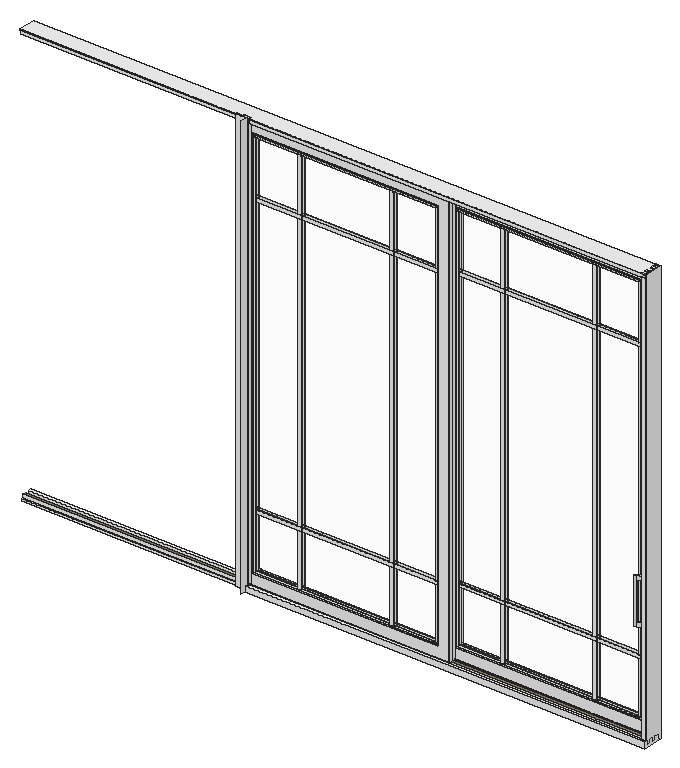
Revit family "Sliding_Glass-Pocket-PGT-Aluminum_Preferred-SGD770-XXd", category Doors, host Wall, Revit 2015
Parameters (values of type "Refer to Type Catalog")
  URL = "http://www.pgtindustries.com/"
  Type Comments = "Pocket"  # constant formula
  Track Depth = 4 55/64"  # constant formula
  Product Style Guide = "http://www.pgtindustries.com/pro-zone/architect/download?destination=node/97061"
  Product Page URL = "http://www.pgtindustries.com/product-overview/sliding-door-sgd770-winguard%C2%AE-aluminum-sliding-glass-door-clear-impact-resistant"
  Pocket Width = Glass Width + 12"  # 65 33/256"
  Plan Detail Offset = Finished Opening / 3  # 38.38151"
  Narrow Riser = no
  Model = "SGD770 2P2T XX"  # constant formula
  Minimum Panel Size = "21 1/2” x 32 5/8”"  # constant formula
  Medium Riser = no
  Maximum Panel Size = "4' x 10' OR 5' x 8'"  # constant formula
  Manufacturer = "PGT Industries"  # constant formula
  Low Riser = no
  High Riser = no
  Hardware Material = Steel AISI 4620
  Hardware Height = 36"
  Grid Type = Face_Based_Mullion_ Glass : BP9
  Grid Layout Note = "To edit the grid layout ensure the 'Grid' parameter is turned on and then select an option from the 'Grid Type' drop down.  Please refer to the 'Product Style Guide' for standard configurations and restrictions."  # constant formula
  Grid = yes
  Glass Width = Door Panel Width - 6 223/256"  # 53 33/256"
  Glass Thickness = 1"
  Function = Exterior
  Height = Door Panel Height + 1 111/128"  # 121 111/128"
  Wall Closure = By host
  Width = Finished Opening + Pocket Width  # 180 35/128"
  Flush Riser = yes
  Finished Opening = (Door Panel Width * 2) - 4 219/256"  # 115 37/256"
  Finish = Metal - PGT - Paint - White
  Door Panel Width = 60"
  Door Panel Height = 120"
  Description = "Aluminum Preferred Siding Glass Door"  # constant formula
  Custom Design Note = "The types included show default grid/size configurations.  Please reference the 'Product Style Guide' to see all standard configurations and restrictions before creating custom designs.  Please contact PGT Industries with any questions regarding custom designs."  # constant formula
  Color Glass = Glass - PGT - Clear
  Box Riser = not(Narrow Riser)  # yes
  Assembly Code = "B2030110"
  Analytic Construction = "<None>"
Reference planes (in)
  plane 1 "Center (Front/Back)": y = 0
  plane 2 "Center (Left/Right)": x = 66.39368
  plane 3 "Left": x = -18.29085
  plane 4 "Right": x = 96.85368
  plane 5 "Top": z = 121.86719
  plane 6 "Exterior": y = 3
  plane 7 "Interior": y = -3
  plane 8: x = 96.39368
  plane 9: z = 121.13119
  plane 10: x = -83.41976
  plane 11: x = 36.39368
  plane 12: y = -1.85937
  plane 13: y = 0.57031
  plane 14: y = 0.4668
  plane 15: y = -0.55123
  plane 16: x = 39.91457
  plane 17: x = 92.87278
  plane 18: z = 4.65208
  plane 19: z = 117.0061
  plane 20: x = 94.51868
  plane 21: y = 0.24982
  plane 22: y = -1.35228
  plane 23: z = 36
  plane 24: x = 58.01217
  plane 25: x = 56.13717
  plane 26: y = 1.48483
  plane 27: y = 2.28588
  plane 28: y = 0.68378
  plane 29: x = 39.54069
  plane 30: x = -20.45931
  plane 31: x = 9.54069
  plane 32: x = 1.15918
  plane 33: x = -16.93841
  plane 34: x = 36.01979
Forms (in)
  Extrusion 1, void
    sketch origin (0, 0, 0) x (1, 0, 0) y (0, 1, 0)
      loop
        line (-83.41976, 3) -> (-83.41976, -1.85937) -> (-18.29085, -1.85937) -> (-18.29085, -3) -> (96.85368, -3) -> (96.85368, 3) -> (-83.41976, 3)
    from 0 to 121.86719
  Sweep 2, solid, material "Metal - PGT - Paint - White" <- "Finish"
    path origin (-98.15385, 0.4668, 48) x (-1, 0, 0) y (0, 0, 1)
      loop
        line (-195.00752, -48) -> (-195.00752, 73.86719)
    profile "1P1T X Jamb : 1P1T XX Jamb" origin (96.85368, 0.4668, 60.93359) x (1, 0, 0) y (0, 1, 0)
      loop
        line (0, 2.53462) -> (-0.16084, 2.53462) -> (-0.16084, 2.40406) -> (-1.3602, 2.40406) -> (-1.3602, 2.32606) -> (-0.27452, 2.32606) -> (-0.27452, 1.43281) -> (-1.30945, 1.43281) -> (-1.30945, 0.60325) -> (-0.27452, 0.60325) -> (-0.27452, -0.60325) -> (-1.30945, -0.60325) -> (-1.30945, -1.43281) -> (-0.27452, -1.43281) -> (-0.27452, -2.32606) -> (-1.3602, -2.32606) -> (-1.3602, -2.40406) -> (-0.16084, -2.40406) -> (-0.16084, -2.53462) -> (0, -2.53462) -> (0, 2.53462)
  Sweep 3, solid, material "Metal - PGT - Paint - White" <- "Finish"
    path origin (-98.15385, 0.4668, 48) x (-1, 0, 0) y (0, 0, 1)
      loop
        line (-194.84668, 73.86719) -> (-14.73409, 73.86719)
    profile "1P1T X Sill : 1P1T X Sill" origin (6.63654, 0.4668, 121.86719) x (0, 0, 1) y (0, 1, 0)
      loop
        line (0, 2.53462) -> (-0.16084, 2.53462) -> (-0.16084, 2.40406) -> (-1.21076, 2.40406) -> (-1.21076, 2.32606) -> (-0.27452, 2.32606) -> (-0.27452, 1.43281) -> (-1.17069, 1.43281) -> (-1.17069, 0.60325) -> (-0.27452, 0.60325) -> (-0.27452, -0.60325) -> (-1.17069, -0.60325) -> (-1.17069, -1.43281) -> (-0.27452, -1.43281) -> (-0.27452, -2.32606) -> (-1.21076, -2.32606) -> (-1.21076, -2.40406) -> (-0.16084, -2.40406) -> (-0.16084, -2.53462) -> (0, -2.53462) -> (0, 2.53462)
  Sweep 4, solid, material "Metal - PGT - Paint - White" <- "Finish"
    path origin (-98.15385, 0.4668, 48) x (-1, 0, 0) y (0, 0, 1)
      loop
        line (-79.86299, -48) -> (-195.00752, -48)
    profile "1P1T X Riser : 1P1T XX Jamb" origin (39.28141, 0.4668, 0) x (0, 0, -1) y (0, 1, 0)
      loop
        line (0, 1.92087) -> (-0.25746, 1.92087) -> (-0.25746, 1.43281) -> (-1.49653, 1.43281) -> (-1.49653, 0.60325) -> (-0.4801, 0.60325) -> (-0.51171, -0.60325) -> (-1.49653, -0.60325) -> (-1.49653, -1.43281) -> (-0.5332, -1.43281) -> (-0.55448, -2.25663) -> (-1.566, -2.25663) -> (-1.566, -3.161) -> (0, -3.161) -> (0, 1.92087)
  Sweep 5, solid, material "Metal - PGT - Paint - White" <- "Finish"
    path origin (-98.15385, 0.4668, 48) x (-1, 0, 0) y (0, 0, 1)
      loop
        line (-14.73409, -48) -> (-79.86299, -48)
    profile "1P1T : 1P1T XX Jamb" origin (-50.85531, 0.4668, 0) x (0, 0, -1) y (0, 1, 0)
      loop
        line (0, 1.92087) -> (-0.25746, 1.92087) -> (-0.25746, 1.43281) -> (-1.4986, 1.43281) -> (-1.4986, 0.60325) -> (-0.4801, 0.60325) -> (-0.51171, -0.60325) -> (-1.4986, -0.60325) -> (-1.4986, -1.43281) -> (-0.5332, -1.43281) -> (-0.54581, -1.92087) -> (0, -1.92087) -> (0, 1.92087)
  Sweep 6, solid, material "Metal - PGT - Paint - White" <- "Finish"
    path origin (-81.91976, -1.85937, 48) x (-1, 0, 0) y (0, 0, 1)
      loop
        line (-63.62891, -48) -> (-63.62891, 73.86719)
    profile "1P1T Center Clip : 1P1T Center Clip" origin (-18.29085, -1.85937, 60.93359) x (1, 0, 0) y (0, 1, 0)
      loop
        line (-3.10409, -0.21005) -> (0, -0.21005) -> (0, -2.21038) -> (0.06253, -2.21038) -> (0.06253, -0.21038) -> (0.69843, -0.21038) -> (0.69843, 0.41512) -> (-1.0837, 0.41512)
        arc (-1.0837, 0.41512) -> (-1.1035, 0.39684) -> (-1.08793, 0.37485) r 0.02042
        line (-1.08793, 0.37485) -> (-0.92067, 0.33497) -> (-0.2717, 0.33497) -> (-0.2717, 0.08543) -> (-3.10409, 0.08543) -> (-3.10409, -0.21005)
  Extrusion 7, void
    sketch origin (-98.15385, 0.4668, 48) x (-1, 0, 0) y (0, 0, 1)
      loop
        line (-194.84668, 73.70635) -> (-194.84668, 72.65643) -> (-193.64732, 72.65643) -> (-193.64732, 73.70635) -> (-194.84668, 73.70635)
    from -3.4668 to 2.5332
Cuts and joins
  joined: Sweep 4, Sweep 5
  Extrusion 7 cuts Sweep 2
Lines and regions (in)
  Masking region 1
    outline origin (0, 0, 0) x (1, 0, 0) y (0, 1, 0)
      loop
        line (-18.22832, -2.06975) -> (-17.59242, -2.06975) -> (-17.59242, -1.44426) -> (-19.37455, -1.44426)
        arc (-19.37455, -1.44426) -> (-19.39435, -1.46253) -> (-19.37878, -1.48453) r 0.02042
        line (-19.37878, -1.48453) -> (-19.21152, -1.5244) -> (-18.56255, -1.5244) -> (-18.56255, -1.77395) -> (-21.39494, -1.77395) -> (-21.39494, -2.06943) -> (-18.29085, -2.06943) -> (-18.29085, -4.06975) -> (-18.22832, -4.06975) -> (-18.22832, -2.06975)
  symbolic lines, detail levels medium+fine
    curve 1: line (-18.29085, -2.6942, 0) -> (96.85368, -2.6942, 0)
    curve 2: line (96.57915, -1.78983, 0) -> (-17.59242, -1.78983, 0)
    curve 3: line (-83.41976, -1.45407, 0) -> (-18.29085, -1.45407, 0)
    curve 4: line (96.85368, -1.73194, 0) -> (96.85368, -2.6942, 0)
    curve 5: line (-18.29085, -1.45407, 0) -> (-18.29085, -2.6942, 0)
Text (in)
  text "Exterior" at (-74.96733, 27.31104, 0), in view "Ref. Level"
  text "Interior" at (-74.96733, -25.14366, 0), in view "Ref. Level"
  text "Exterior" at (0, 40.15149, 123.01588), in view "Right"
  text "Interior" at (0, -64.39139, 123.01588), in view "Right"
  text "Interior" at (0, -31.01599, 123.00693), in view "Left"
  text "Exterior" at (0, 54.57065, 123.00693), in view "Left"
Dimensions and locks (in)
  "Height": level to plane 5 "Top"
  plane 3 "Left" to plane 4 "Right" = 115 37/256"
  locked: plane 8 to plane 4 "Right" at 0.46
  equal spacing: plane 11, plane 2 "Center (Left/Right)", plane 8
  "Pocket Width": plane 10 to plane 3 "Left"
  "Finished Opening": plane 3 "Left" to plane 4 "Right"
  "Door Panel Width": plane 11 to plane 8
  locked: plane 13 to plane 14 at 0.10352
  locked: plane 5 "Top" to plane 9 at 0.736
  locked: plane 13 to plane 15 at 1.12155
  locked: plane 7 "Interior" to plane 12 at 1.14062
  locked: plane 13 to plane 12 at 2.42969
  Extrusion 7 sketch curve to Extrusion 7 sketch curve to plane 4 "Right" = 1.19936" locked, 0.16084" locked
  plane 5 "Top" to Extrusion 7 sketch curve to Extrusion 7 sketch curve = 0.16084" locked, 1.04992" locked
  Extrusion 7 to Extrusion 7 to plane 4 "Right" = 1.19936" locked, 0.16084" locked
  locked: Sweep 3 sketch curve to plane 4 "Right" at 0.16084
  locked: plane 11 to plane 16 at 3.5209
  locked: plane 17 to plane 8 at 3.5209
  locked: plane 18 to level at 4.65208
  locked: plane 5 "Top" to plane 19 at 4.86109
  locked: plane 20 to plane 8 at 1.875
  equal spacing: plane 21, plane 15, plane 22
  locked: plane 21 to plane 22 at 1.6021
  "Hardware Height": plane 23 to level
  "Plan Detail Offset": plane 24 to plane 8
  locked: plane 25 to plane 24 at 1.875
  equal spacing: plane 27, plane 26, plane 28
  locked: plane 27 to plane 28 at 1.6021
  plane 27 to plane 26 to plane 28 = 0.80105", 0.80105"
  locked: plane 26 to plane 15 at 2.03606
  equal spacing: plane 30, plane 31, plane 29
  "Door Panel Width": plane 30 to plane 29
  plane 11 to plane 29 = 3.14701"
  "Plan Detail Offset": plane 32 to plane 29
  locked: plane 33 to plane 30 at 3.5209
  locked: plane 34 to plane 29 at 3.5209
  aligned and locked: plane 6 "Exterior" to host wall
  aligned and locked: plane 7 "Interior" to host wall
  aligned and locked: Extrusion 1 to plane 5 "Top"
  aligned and locked: plane 12 to Extrusion 1 sketch curve
  aligned and locked: plane 4 "Right" to Sweep 2 sketch curve
  aligned and locked: plane 5 "Top" to Sweep 2 sketch curve
  aligned and locked: level to Sweep 2 sketch curve
  aligned and locked: Sweep 3 sketch curve to plane 5 "Top"
  aligned and locked: Sweep 3 sketch curve to plane 10
  aligned and locked: level to Sweep 4 sketch curve
  aligned and locked: plane 4 "Right" to Sweep 4 sketch curve
  aligned and locked: plane 3 "Left" to Sweep 4 sketch curve
  aligned and locked: level to Sweep 5 sketch curve
  aligned and locked: plane 10 to Sweep 5 sketch curve
  aligned and locked: plane 3 "Left" to Sweep 5 sketch curve
  aligned and locked: plane 2 "Center (Left/Right)" to nested 1
  aligned and locked: nested 1 to plane 9
  aligned and locked: plane 3 "Left" to Sweep 6 sketch curve
  aligned and locked: plane 5 "Top" to Sweep 6 sketch curve
  aligned and locked: level to Sweep 6 sketch curve
  aligned and locked: plane 7 "Interior" to Extrusion 7
  aligned and locked: Extrusion 7 to plane 6 "Exterior"
  aligned and locked: nested 2 to plane 19
  aligned and locked: nested 2 to plane 18
  aligned and locked: nested 2 to plane 17
  aligned and locked: nested 2 to plane 16
  aligned and locked: plane 20 to nested 4
  aligned and locked: nested 3 to plane 20
  aligned and locked: nested 3 to plane 23
  aligned and locked: plane 23 to nested 4
  aligned and locked: plane 4 "Right" to nested 5
  aligned and locked: nested 5 to plane 14
  aligned and locked: cut or joined group of Sweep 4, Sweep 5 to curve 1
  aligned and locked: cut or joined group of Sweep 4, Sweep 5 to curve 2
  aligned and locked: Masking region 1 sketch curve to Sweep 6  (x12)
  aligned and locked: nested 1 to plane 26
  aligned and locked: plane 27 to nested 4
  aligned and locked: plane 28 to nested 3
  aligned and locked: plane 29 to nested 6
  aligned and locked: nested 6 to plane 15
  aligned and locked: nested 6 to plane 9
  aligned and locked: plane 26 to nested 7
  aligned and locked: nested 7 to plane 24
  aligned and locked: nested 8 to plane 32
  aligned and locked: nested 8 to plane 15
  aligned and locked: plane 19 to nested 9
  aligned and locked: plane 18 to nested 9
  aligned and locked: nested 9 to plane 33
  aligned and locked: nested 9 to plane 34
  aligned and locked: curve 3 to cut or joined group of Sweep 4, Sweep 5
  aligned and locked: nested 11 to plane 25
  aligned and locked: plane 25 to nested 10
  aligned and locked: plane 27 to nested 11
  aligned and locked: plane 28 to nested 10
Automatic sketch dimensions
  Masking region 1 sketch curve to plane 22 = 0.13224"
  Masking region 1 sketch curve to Masking region 1 sketch curve = 0.16726"
  Extrusion 1 sketch curve to host wall = 0"
  Extrusion 1 sketch curve to plane 10 = 0"
  host wall to Extrusion 1 sketch curve = 0"
  Extrusion 1 sketch curve to plane 3 "Left" = 0"
  Extrusion 1 sketch curve to plane 4 "Right" = 0"
  curve 3 to plane 10 = 0"
  curve 5 to plane 3 "Left" = 0"
  curve 1 to plane 4 "Right" = 0"
  curve 2 to plane 33 = 0.65401"
  curve 2 to plane 8 = 0.18548"
  plane 12 to curve 4 = 0.12743"
Nested families (in)
  nested 1: "SGD Door Panel" at (66.39368, 1.48483, 1.13119), type "Door Panel"
    with Int Clip yes, Ext Clip no, Door Pull yes, Width 60", Glass Width 53.128"
  nested 2: "Face_Based_Mullion_ Glass" at (66.39368, 1.97583, 60.82909) x (-1, 0, 0) z (0, 1, 0), type <- "Grid Type", visible <- "Grid", type "BP9"
    with Width 52.95821", Height 112.35402", BP Offset LR 13.23955", BP Offset 16.05057"
  nested 3: "Handle" at (94.51868, 0.68378, -6), type "Interior"
  nested 4: "Handle" at (94.51868, 2.28588, -6), type "Interior"
  nested 5: "SGD 1P1T Jamb Detail" at (6.71696, 0.4668, 0), type "SGD 1P1T Jamb Detail"
    with Width 180 35/128"
  nested 6: "SGD Door Panel" at (9.54069, -0.55123, 1.13119), type "Door Panel"
    with Int Clip yes, Ext Clip yes, Door Pull yes, Width 60", Glass Width 53.128"
  nested 7: "SGD Door Panel Detail" at (28.01217, 1.48483, 0) x (-1, 0, 0) z (0, 0, 1), type "SGD Door Panel Detail"
    with Right Clip yes, Open yes, Left Clip no, Dbl no, Closed no
  nested 8: "SGD Door Panel Detail" at (-28.84082, -0.55123, 0), type "SGD Door Panel Detail"
    with Right Clip no, Open no, Left Clip yes, Dbl yes, Closed yes
  nested 9: "Face_Based_Mullion_ Glass" at (9.54069, -0.06023, 60.82909) x (-1, 0, 0) z (0, 1, 0), type <- "Grid Type", visible <- "Grid", type "BP9"
    with Width 52.95821", Height 112.35402", BP Offset LR 13.23955", BP Offset 16.05057"
  nested 10: "Handle Detail Only" at (56.13717, 0.68378, 0), type "Handle Detail Only"
  nested 11: "Handle Detail Only" at (56.13717, 2.28588, 0), type "Handle Detail Only"
Definition of nested family "SGD Door Panel"
  Parameters (values of type "Door Panel")
    Width = 24"
    Int Clip [instance] = yes
    Height = 120"
    Hardware = none
    Glazing = none
    Glass Width = Width - (3.436" * 2)  # 17.128"
    Glass Thickness Constraint = if(Glass Thickness > 1", 1", Glass Thickness)  # 1"
    Glass Thickness = 1"
    Frame Interior = none
    Frame Exterior = none
    Frame End = none
    Ext Clip [instance] = no
    Door Pull [instance] = yes
  Reference planes (in)
    plane 1 "Center (Front/Back)": y = 0
    plane 2: z = 0
    plane 3 "Center (Left/Right)": x = 0
    plane 4: z = 120
    plane 5: z = 3.437
    plane 6: x = -12
    plane 7: x = 12
    plane 8: x = -8.564
    plane 9: x = 8.564
    plane 10: z = 116.563
    plane 11: z = 36
    plane 12: y = 0.50891
    plane 13: y = -0.49109
    plane 14: y = -0.509
    plane 15: y = 0.491
  Forms (in)
    Sweep 1, solid, material <- "Frame Exterior"
      path origin (0, 0, 0) x (1, 0, 0) y (0, 0, 1)
        loop
          line (-12, 120) -> (-12, 0) -> (12, 0) -> (12, 120) -> (-12, 120)
      profile origin (-12, 0, 60) x (0, -1, 0) y (1, 0, 0)
        loop
          line (0.80105, 3.1174) -> (0.64756, 3.2709) -> (0.64756, 3.5209) -> (0.58117, 4.12509) -> (0.50891, 4.12509) -> (0.50891, 3.24793) -> (-0.60328, 3.24793) -> (-0.60328, 4.07864) -> (-0.491, 4.07864) -> (-0.491, 4.12247) -> (-0.64756, 4.12247) -> (-0.64756, 3.13493) -> (-0.80105, 2.98144) -> (-0.80105, 0.22695) -> (-0.5741, 0) -> (0.5741, 0) -> (0.80105, 0.22695) -> (0.80105, 3.1174)
    Extrusion 2, solid, material <- "Glazing"
      sketch origin (0, 0, 0) x (1, 0, 0) y (0, 1, 0)
        loop
          line (-8.564, -0.509) -> (8.564, -0.509) -> (8.564, 0.491) -> (-8.564, 0.491) -> (-8.564, -0.509)
      from 3.437 to 116.563
    Extrusion 3, solid, material <- "Frame Interior", visible <- "Int Clip"
      sketch origin (0, 0, 0) x (1, 0, 0) y (0, 1, 0)
        loop
          line (-12, -0.5741) -> (-12, -1.00249) -> (-11.86351, -1.13897) -> (-10.12946, -1.13897)
          arc (-10.12946, -1.13897) -> (-10.11249, -1.12037) -> (-10.12665, -1.09954) r 0.02032
          line (-10.12665, -1.09954) -> (-10.29591, -1.05896) -> (-10.89335, -1.05896) -> (-10.98722, -0.80105) -> (-11.77305, -0.80105) -> (-12, -0.5741)
      from 0 to 120
    Extrusion 4, solid, material <- "Frame Exterior", visible <- "Ext Clip"
      sketch origin (0, 0, 0) x (-1, 0, 0) y (0, -1, 0)
        loop
          line (-12, -0.5741) -> (-12, -1.00249) -> (-11.86351, -1.13897) -> (-10.12946, -1.13897)
          arc (-10.12946, -1.13897) -> (-10.11249, -1.12037) -> (-10.12665, -1.09954) r 0.02032
          line (-10.12665, -1.09954) -> (-10.29591, -1.05896) -> (-10.89335, -1.05896) -> (-10.98722, -0.80105) -> (-11.77305, -0.80105) -> (-12, -0.5741)
      from 0 to 120
  Dimensions and locks (in)
    "Height": plane 4 to level
    locked: plane 5 to level at 3.437
    locked: plane 4 to plane 10 at 3.437
    plane 11 to level = 36"
    locked: plane 6 to plane 8 at 3.436
    locked: plane 9 to plane 7 at 3.436
    equal spacing: plane 8, plane 3 "Center (Left/Right)", plane 9
    "Width": plane 6 to plane 7
    locked: plane 14 to plane 1 "Center (Front/Back)" at 0.509
    "Glass Thickness Constraint": plane 15 to plane 14
    Sweep 1 sketch curve to Sweep 1 sketch curve to Sweep 1 sketch curve to Sweep 1 sketch curve to Sweep 1 sketch curve to profile plane to Sweep 1 sketch curve to Sweep 1 sketch curve to Sweep 1 sketch curve to Sweep 1 sketch curve = 0.15349" locked, 17/256" locked, 0.00707" locked, 0.06519" locked, 0.50891" locked, 0.5741" locked, 0.02918" locked, 0.04427" locked, 0.15349" locked
    profile plane to Sweep 1 sketch curve to Sweep 1 sketch curve to Sweep 1 sketch curve to Sweep 1 sketch curve to Sweep 1 sketch curve to Sweep 1 sketch curve to Sweep 1 sketch curve to Sweep 1 sketch curve to Sweep 1 sketch curve to Sweep 1 sketch curve to Sweep 1 sketch curve to Sweep 1 sketch curve = 0" locked, 0.22695" locked, 0" locked, 2.75449" locked, 0.13597" locked, 0.01753" locked, 0.113" locked, 0.02297" locked, 1/4" locked, 0.55774" locked, 0.04384" locked, 0.00261" locked
    plane 6 to Extrusion 3 sketch curve to Extrusion 3 sketch curve to Extrusion 3 sketch curve to Extrusion 3 sketch curve to Extrusion 3 sketch curve to Extrusion 3 sketch curve to Extrusion 3 sketch curve to Extrusion 3 sketch curve = 0" locked, 0.13649" locked, 0.09046" locked, 0.78583" locked, 0.09387" locked, 0.59745" locked, 0.16645" locked, 0.00281" locked
    Extrusion 3 sketch curve to Extrusion 3 sketch curve to Extrusion 3 sketch curve to Extrusion 3 sketch curve to Extrusion 3 sketch curve to Extrusion 3 sketch curve to plane 1 "Center (Front/Back)" = 0.03943" locked, 0.04059" locked, 0.05647" locked, 0.20144" locked, 0.22695" locked, 0.5741" locked
    Extrusion 4 sketch curve to Extrusion 4 sketch curve to Extrusion 4 sketch curve to Extrusion 4 sketch curve to Extrusion 4 sketch curve to Extrusion 4 sketch curve to Extrusion 4 sketch curve to plane 7 to Extrusion 4 sketch curve = 0.00281" locked, 0.16645" locked, 0.59745" locked, 0.09387" locked, 0.78583" locked, 0.09046" locked, 0.13649" locked, 0" locked
    plane 1 "Center (Front/Back)" to Extrusion 4 sketch curve to Extrusion 4 sketch curve to Extrusion 4 sketch curve to Extrusion 4 sketch curve to Extrusion 4 sketch curve to Extrusion 4 sketch curve = 0.5741" locked, 0.22695" locked, 0.20144" locked, 0.05647" locked, 0.04059" locked, 0.03943" locked
    aligned and locked: plane 2 to level
    aligned and locked: Sweep 1 sketch curve to plane 6
    aligned and locked: Sweep 1 sketch curve to plane 4
    aligned and locked: Sweep 1 sketch curve to plane 7
    aligned and locked: Sweep 1 sketch curve to level
    aligned and locked: Extrusion 2 sketch curve to plane 8
    aligned and locked: Extrusion 2 sketch curve to plane 9
    aligned and locked: Extrusion 2 to plane 10
    aligned and locked: Extrusion 2 to plane 5
    aligned and locked: Extrusion 2 sketch curve to plane 14
    aligned and locked: Extrusion 2 sketch curve to plane 15
    aligned and locked: Sweep 1 sketch curve to plane 15
    aligned and locked: plane 4 to Extrusion 3
    aligned and locked: Extrusion 3 to level
    aligned and locked: plane 4 to Extrusion 4
    aligned and locked: Extrusion 4 to level
  Automatic sketch dimensions
    Extrusion 3 sketch curve to Extrusion 3 sketch curve = 0.00331"
    Extrusion 4 sketch curve to Extrusion 4 sketch curve = 0.00331"
Definition of nested family "Face_Based_Mullion_ Glass"
  Parameters (values of type "3C8R")
    Width [instance] = 40"
    Mullion Interior = none
    Mullion = none
    Height [instance] = 60"
    Glass Thickness = 1"
    Default Elevation = 48"
    BP Offset LR [instance] = Width / 4  # 10"
    BP Offset [instance] = Height / 7  # 8.57143"
    BPT = no
    BPR = no
    BPL = no
    BPB = no
    8R = yes
    7R = no
    6R = no
    5R = no
    4R = no
    4C = no
    3R = no
    3C = yes
    2R = no
    2C = no
  Types (12): name | Width | Height | BP Offset LR | BP Offset | BPT | BPR | BPL | BPB | 8R | 7R | 6R | 5R | 4C | 3C | 2C
    2C5R | 10" | 90" | 2 1/2" | 12.85714" | no | no | no | no | no | no | yes | no | no | no | yes
    3C6R | 60" | 60" | 15" | 8.57143" | no | no | no | no | no | no | yes | no | no | yes | no
    3C5R | 60" | 60" | 15" | 8.57143" | no | no | no | no | no | no | no | yes | no | yes | no
    2C6R | 40" | 90" | 10" | 12.85714" | no | no | no | no | no | no | yes | no | no | no | yes
    2C7R | 60" | 60" | 15" | 8.57143" | no | no | no | no | no | yes | no | no | no | no | yes
    3C7R | 60" | 60" | 15" | 8.57143" | no | no | no | no | no | yes | no | no | no | yes | no
    4C5R | 60" | 60" | 15" | 8.57143" | no | no | no | no | no | no | no | yes | yes | no | no
    4C6R | 60" | 60" | 15" | 8.57143" | no | no | no | no | no | no | yes | no | yes | no | no
    BP9 | 60" | 60" | 15" | 8.57143" | yes | yes | yes | yes | no | no | no | no | no | no | no
    2C8R | 60" | 60" | 15" | 8.57143" | no | no | no | no | yes | no | no | no | no | no | yes
    3C8R | 40" | 60" | 10" | 8.57143" | no | no | no | no | yes | no | no | no | no | yes | no
    4C7R | 60" | 60" | 15" | 8.57143" | no | no | no | no | no | yes | no | no | yes | no | no
  Reference planes (in)
    plane 1 "Center (Front/Back)": y = 0
    plane 2: z = 0
    plane 3 "Center (Left/Right)": x = 0
    plane 4: x = -20
    plane 5: x = 20
    plane 6: y = 30
    plane 7: y = -30
    plane 8: y = 10
    plane 9: y = -10
    plane 10: y = 20
    plane 11: y = -20
    plane 12: x = -6.66667
    plane 13: x = 6.66667
    plane 14: y = 15
    plane 15: y = -15
    plane 16: y = 18
    plane 17: y = 6
    plane 18: y = -6
    plane 19: y = -18
    plane 20: y = -21.42857
    plane 21: y = -12.85714
    plane 22: y = -4.28571
    plane 23: y = 21.42857
    plane 24: y = 12.85714
    plane 25: y = 4.28571
    plane 26: x = -10
    plane 27: x = 10
    plane 28: y = 21.42857
    plane 29: y = -21.42857
    plane 30: x = -10
    plane 31: x = 10
    plane 32: y = 22.5
    plane 33: y = 15
    plane 34: y = 7.5
    plane 35: y = 0
    plane 36: y = -7.5
    plane 37: y = -15
    plane 38: y = -22.5
  Forms (in)
    Extrusion 1, solid
      sketch origin (0, 0, 0) x (1, 0, 0) y (0, 1, 0)
        loop
          line (-48, 48) -> (-48, -48) -> (48, -48) -> (48, 48) -> (-48, 48)
      from 0 to -12
  Lines and regions (in)
    model lines, visible <- "5R", detail levels coarse
      curve 1: line (-20, -18, 0) -> (20, -18, 0)
      curve 2: line (20, -6, 0) -> (-20, -6, 0)
      curve 3: line (20, 6, 0) -> (-20, 6, 0)
      curve 4: line (20, 18, 0) -> (-20, 18, 0)
    model lines, visible <- "2C", detail levels coarse
      curve 5: line (0, 30, 0) -> (0, -30, 0)
    model lines, visible <- "3C", detail levels coarse
      curve 6: line (-6.66667, 30, 0) -> (-6.66667, -30, 0)
      curve 7: line (6.66667, 30, 0) -> (6.66667, -30, 0)
    model lines, visible <- "6R", detail levels coarse
      curve 8: line (-20, 20, 0) -> (20, 20, 0)
      curve 9: line (-20, 10, 0) -> (20, 10, 0)
      curve 10: line (-20, 0, 0) -> (20, 0, 0)
      curve 11: line (-20, -10, 0) -> (20, -10, 0)
      curve 12: line (-20, -20, 0) -> (20, -20, 0)
    model lines, visible <- "4R", detail levels coarse
      curve 13: line (20, 15, 0) -> (-20, 15, 0)
      curve 14: line (20, 0, 0) -> (-20, 0, 0)
      curve 15: line (20, -15, 0) -> (-20, -15, 0)
    model lines, visible <- "7R", detail levels coarse
      curve 16: line (-20, 21.42857, 0) -> (20, 21.42857, 0)
      curve 17: line (20, 12.85714, 0) -> (-20, 12.85714, 0)
      curve 18: line (20, 4.28571, 0) -> (-20, 4.28571, 0)
      curve 19: line (20, -4.28571, 0) -> (-20, -4.28571, 0)
      curve 20: line (20, -12.85714, 0) -> (-20, -12.85714, 0)
      curve 21: line (20, -21.42857, 0) -> (-20, -21.42857, 0)
    model lines, visible <- "BPL", detail levels coarse
      curve 22: line (-10, 30, 0) -> (-10, -30, 0)
    model lines, visible <- "BPR", detail levels coarse
      curve 23: line (10, 30, 0) -> (10, -30, 0)
    model lines, visible <- "2R", detail levels coarse
      curve 24: line (-20, 0, 0) -> (20, 0, 0)
    model lines, visible <- "3R", detail levels coarse
      curve 25: line (-20, 10, 0) -> (20, 10, 0)
      curve 26: line (-20, -10, 0) -> (20, -10, 0)
    model lines, visible <- "BPB", detail levels coarse
      curve 27: line (-20, -21.42857, 0) -> (20, -21.42857, 0)
    model lines, visible <- "BPT", detail levels coarse
      curve 28: line (-20, 21.42857, 0) -> (20, 21.42857, 0)
    model lines, visible <- "4C", detail levels coarse
      curve 29: line (-10, 30, 0) -> (-10, -30, 0)
      curve 30: line (10, 30, 0) -> (10, -30, 0)
      curve 31: line (0, 30, 0) -> (0, -30, 0)
    model lines, visible <- "8R", detail levels coarse
      curve 32: line (-20, 22.5, 0) -> (20, 22.5, 0)
      curve 33: line (-20, 15, 0) -> (20, 15, 0)
      curve 34: line (-20, 7.5, 0) -> (20, 7.5, 0)
      curve 35: line (-20, 0, 0) -> (20, 0, 0)
      curve 36: line (-20, -7.5, 0) -> (20, -7.5, 0)
      curve 37: line (-20, -15, 0) -> (20, -15, 0)
      curve 38: line (-20, -22.5, 0) -> (20, -22.5, 0)
  Dimensions and locks (in)
    equal spacing: plane 6, plane 10, plane 8, plane 1 "Center (Front/Back)", plane 9, plane 11, plane 7
    equal spacing: plane 6, plane 14, plane 1 "Center (Front/Back)"
    equal spacing: plane 7, plane 15, plane 1 "Center (Front/Back)"
    equal spacing: plane 6, plane 16, plane 17, plane 18, plane 19, plane 7
    "Width": plane 4 to plane 5
    "Height": plane 6 to plane 7
    equal spacing: plane 6, plane 23, plane 24, plane 25, plane 22, plane 21, plane 20, plane 7
    "BP Offset": plane 7 to plane 29
    "BP Offset": plane 6 to plane 28
    equal spacing: plane 4, plane 12, plane 13, plane 5
    "BP Offset LR": plane 4 to plane 26
    "BP Offset LR": plane 27 to plane 5
    equal spacing: plane 4, plane 30, plane 3 "Center (Left/Right)", plane 31, plane 5
    equal spacing: plane 6, plane 32, plane 33, plane 34, plane 35, plane 36, plane 37, plane 38, plane 7
    aligned and locked: plane 2 to Extrusion 1
    aligned and locked: level to Extrusion 1
    aligned and locked: plane 4 to curve 1
    aligned and locked: curve 1 to plane 19
    aligned and locked: plane 18 to curve 2
    aligned and locked: plane 5 to curve 3
    aligned and locked: plane 17 to curve 3
    aligned and locked: plane 5 to curve 4
    aligned and locked: plane 16 to curve 4
    aligned and locked: plane 6 to curve 5
    aligned and locked: curve 5 to plane 3 "Center (Left/Right)"
    aligned and locked: plane 13 to curve 7
    aligned and locked: plane 4 to curve 8
    aligned and locked: curve 8 to plane 10
    aligned and locked: plane 4 to curve 9
    aligned and locked: curve 9 to plane 8
    aligned and locked: plane 4 to curve 10
    aligned and locked: plane 1 "Center (Front/Back)" to curve 10
    aligned and locked: plane 4 to curve 11
    aligned and locked: curve 11 to plane 9
    aligned and locked: plane 4 to curve 12
    aligned and locked: curve 12 to plane 11
    aligned and locked: plane 5 to curve 13
    aligned and locked: curve 13 to plane 14
    aligned and locked: plane 5 to curve 14
    aligned and locked: curve 14 to plane 1 "Center (Front/Back)"
    aligned and locked: plane 5 to curve 15
    aligned and locked: plane 15 to curve 15
    aligned and locked: plane 4 to curve 16
    aligned and locked: curve 16 to plane 23
    aligned and locked: plane 5 to curve 17
    aligned and locked: plane 24 to curve 17
    aligned and locked: plane 5 to curve 18
    aligned and locked: plane 25 to curve 18
    aligned and locked: plane 5 to curve 19
    aligned and locked: plane 22 to curve 19
    aligned and locked: plane 5 to curve 20
    aligned and locked: plane 21 to curve 20
    aligned and locked: plane 5 to curve 21
    aligned and locked: plane 20 to curve 21
    aligned and locked: plane 6 to curve 22
    aligned and locked: curve 22 to plane 26
    aligned and locked: plane 6 to curve 23
    aligned and locked: curve 23 to plane 27
    aligned and locked: plane 4 to curve 24
    aligned and locked: plane 1 "Center (Front/Back)" to curve 24
    aligned and locked: plane 4 to curve 25
    aligned and locked: curve 25 to plane 8
    aligned and locked: plane 4 to curve 26
    aligned and locked: curve 26 to plane 9
    aligned and locked: plane 4 to curve 27
    aligned and locked: plane 29 to curve 27
    aligned and locked: plane 4 to curve 28
    aligned and locked: plane 5 to curve 28
    aligned and locked: curve 28 to plane 28
    aligned and locked: nested 2 to plane 1 "Center (Front/Back)"
    aligned and locked: plane 3 "Center (Left/Right)" to nested 1
    aligned and locked: plane 8 to nested 4
    aligned and locked: plane 9 to nested 3
    aligned and locked: plane 12 to nested 5
    aligned and locked: nested 6 to plane 13
    aligned and locked: plane 1 "Center (Front/Back)" to nested 5
    aligned and locked: plane 1 "Center (Front/Back)" to nested 6
    aligned and locked: nested 7 to plane 14
    aligned and locked: nested 8 to plane 1 "Center (Front/Back)"
    aligned and locked: plane 15 to nested 9
    aligned and locked: plane 19 to nested 13
    aligned and locked: plane 18 to nested 12
    aligned and locked: plane 17 to nested 11
    aligned and locked: plane 16 to nested 10
    aligned and locked: plane 10 to nested 18
    aligned and locked: plane 8 to nested 17
    aligned and locked: nested 16 to plane 1 "Center (Front/Back)"
    aligned and locked: plane 9 to nested 15
    aligned and locked: plane 11 to nested 14
    aligned and locked: plane 23 to nested 23
    aligned and locked: plane 24 to nested 22
    aligned and locked: plane 25 to nested 21
    aligned and locked: plane 21 to nested 20
    aligned and locked: plane 20 to nested 19
    aligned and locked: plane 22 to nested 24
    aligned and locked: plane 28 to nested 27
    aligned and locked: plane 27 to nested 26
    aligned and locked: plane 26 to nested 25
    aligned and locked: plane 1 "Center (Front/Back)" to nested 26
    aligned and locked: plane 1 "Center (Front/Back)" to nested 25
    aligned and locked: nested 28 to plane 29
    aligned and locked: curve 29 to plane 30
    aligned and locked: plane 6 to curve 29
    aligned and locked: plane 7 to curve 29
    aligned and locked: plane 6 to curve 30
    aligned and locked: curve 30 to plane 31
    aligned and locked: plane 30 to nested 30
    aligned and locked: plane 31 to nested 29
    aligned and locked: plane 1 "Center (Front/Back)" to nested 30
    aligned and locked: plane 1 "Center (Front/Back)" to nested 29
    aligned and locked: plane 6 to curve 31
    aligned and locked: curve 31 to plane 3 "Center (Left/Right)"
    aligned and locked: plane 3 "Center (Left/Right)" to nested 31
    aligned and locked: plane 1 "Center (Front/Back)" to nested 31
    aligned and locked: plane 6 to nested 31
    aligned and locked: plane 7 to nested 31
    aligned and locked: nested 28 to plane 4
    aligned and locked: nested 19 to plane 4
    aligned and locked: nested 14 to plane 4
    aligned and locked: nested 13 to plane 4
    aligned and locked: nested 9 to plane 4
    aligned and locked: nested 20 to plane 4
    aligned and locked: nested 15 to plane 4
    aligned and locked: nested 3 to plane 4
    aligned and locked: nested 16 to plane 4
    aligned and locked: nested 8 to plane 4
    aligned and locked: nested 2 to plane 4
    aligned and locked: nested 23 to plane 4
    aligned and locked: nested 18 to plane 4
    aligned and locked: nested 10 to plane 4
    aligned and locked: nested 7 to plane 4
    aligned and locked: nested 22 to plane 4
    aligned and locked: nested 4 to plane 4
    aligned and locked: nested 17 to plane 4
    aligned and locked: nested 27 to plane 4
    aligned and locked: nested 11 to plane 4
    aligned and locked: nested 21 to plane 4
    aligned and locked: nested 24 to plane 4
    aligned and locked: nested 12 to plane 4
    aligned and locked: plane 32 to nested 32
    aligned and locked: nested 32 to plane 5
    aligned and locked: plane 33 to nested 33
    aligned and locked: plane 34 to nested 34
    aligned and locked: plane 35 to nested 35
    aligned and locked: plane 36 to nested 36
    aligned and locked: plane 37 to nested 37
    aligned and locked: plane 38 to nested 38
    aligned and locked: nested 38 to plane 5
    aligned and locked: nested 37 to plane 5
    aligned and locked: nested 36 to plane 5
    aligned and locked: nested 35 to plane 5
    aligned and locked: nested 34 to plane 5
    aligned and locked: nested 33 to plane 5
  Automatic sketch dimensions
    Extrusion 1 sketch curve to Extrusion 1 sketch curve = 96"  (x2)
    curve 37 to plane 4 = 0"
    curve 36 to plane 4 = 0"
    curve 2 to plane 4 = 0"
    curve 3 to plane 4 = 0"
    curve 34 to plane 4 = 0"
    curve 4 to plane 4 = 0"
    curve 33 to plane 4 = 0"
    curve 32 to plane 4 = 0"
    curve 21 to plane 4 = 0"
    curve 20 to plane 4 = 0"
    curve 19 to plane 4 = 0"
    curve 18 to plane 4 = 0"
    curve 17 to plane 4 = 0"
    curve 14 to plane 4 = 0"
    curve 38 to plane 4 = 0"
    curve 6 to plane 7 = 0"
    curve 6 to plane 12 = 0"
    curve 8 to plane 5 = 0"
    curve 24 to plane 5 = 0"
    curve 9 to plane 5 = 0"
    curve 25 to plane 5 = 0"
    curve 26 to plane 5 = 0"
    curve 27 to plane 5 = 0"
    curve 16 to plane 5 = 0"
    curve 12 to plane 5 = 0"
    curve 10 to plane 5 = 0"
    curve 11 to plane 5 = 0"
    curve 32 to plane 5 = 0"
    curve 34 to plane 5 = 0"
    curve 2 to plane 5 = 0"
    curve 36 to plane 5 = 0"
    curve 1 to plane 5 = 0"
    curve 38 to plane 5 = 0"
    curve 5 to plane 7 = 0"
    curve 7 to plane 7 = 0"
    curve 22 to plane 7 = 0"
    curve 31 to plane 7 = 0"
    curve 30 to plane 7 = 0"
    curve 23 to plane 7 = 0"
    curve 38 to plane 38 = 0"
    curve 36 to plane 36 = 0"
    curve 34 to plane 34 = 0"
    curve 32 to plane 32 = 0"
    curve 6 to plane 6 = 0"
    curve 7 to plane 6 = 0"
  Nested families (in)
    nested 1: "Mullion 1 Inch Spacing" at (0, 0, 0), visible <- "2C", Length <- "Height", type "Mullion", detail levels medium+fine
      with Length 60"
    nested 2: "Mullion 1 Inch Spacing" at (0, 0, 0) x (0, 1, 0) z (0, 0, 1), visible <- "2R", Length <- "Width", type "Mullion", detail levels medium+fine
      with Length 40"
    nested 3: "Mullion 1 Inch Spacing" at (0, -10, 0) x (0, 1, 0) z (0, 0, 1), visible <- "3R", Length <- "Width", type "Mullion", detail levels medium+fine
      with Length 40"
    nested 4: "Mullion 1 Inch Spacing" at (0, 10, 0) x (0, 1, 0) z (0, 0, 1), visible <- "3R", Length <- "Width", type "Mullion", detail levels medium+fine
      with Length 40"
    nested 5: "Mullion 1 Inch Spacing" at (-6.66667, 0, 0), visible <- "3C", Length <- "Height", type "Mullion", detail levels medium+fine
      with Length 60"
    nested 6: "Mullion 1 Inch Spacing" at (6.66667, 0, 0), visible <- "3C", Length <- "Height", type "Mullion", detail levels medium+fine
      with Length 60"
    nested 7: "Mullion 1 Inch Spacing" at (0, 15, 0) x (0, 1, 0) z (0, 0, 1), visible <- "4R", Length <- "Width", type "Mullion", detail levels medium+fine
      with Length 40"
    nested 8: "Mullion 1 Inch Spacing" at (0, 0, 0) x (0, 1, 0) z (0, 0, 1), visible <- "4R", Length <- "Width", type "Mullion", detail levels medium+fine
      with Length 40"
    nested 9: "Mullion 1 Inch Spacing" at (0, -15, 0) x (0, 1, 0) z (0, 0, 1), visible <- "4R", Length <- "Width", type "Mullion", detail levels medium+fine
      with Length 40"
    nested 10: "Mullion 1 Inch Spacing" at (0, 18, 0) x (0, 1, 0) z (0, 0, 1), Length <- "Width", visible <- "5R", type "Mullion", detail levels medium+fine
      with Length 40"
    nested 11: "Mullion 1 Inch Spacing" at (0, 6, 0) x (0, 1, 0) z (0, 0, 1), Length <- "Width", visible <- "5R", type "Mullion", detail levels medium+fine
      with Length 40"
    nested 12: "Mullion 1 Inch Spacing" at (0, -6, 0) x (0, 1, 0) z (0, 0, 1), Length <- "Width", visible <- "5R", type "Mullion", detail levels medium+fine
      with Length 40"
    nested 13: "Mullion 1 Inch Spacing" at (0, -18, 0) x (0, 1, 0) z (0, 0, 1), Length <- "Width", visible <- "5R", type "Mullion", detail levels medium+fine
      with Length 40"
    nested 14: "Mullion 1 Inch Spacing" at (0, -20, 0) x (0, 1, 0) z (0, 0, 1), visible <- "6R", Length <- "Width", type "Mullion", detail levels medium+fine
      with Length 40"
    nested 15: "Mullion 1 Inch Spacing" at (0, -10, 0) x (0, 1, 0) z (0, 0, 1), visible <- "6R", Length <- "Width", type "Mullion", detail levels medium+fine
      with Length 40"
    nested 16: "Mullion 1 Inch Spacing" at (0, 0, 0) x (0, 1, 0) z (0, 0, 1), visible <- "6R", Length <- "Width", type "Mullion", detail levels medium+fine
      with Length 40"
    nested 17: "Mullion 1 Inch Spacing" at (0, 10, 0) x (0, 1, 0) z (0, 0, 1), visible <- "6R", Length <- "Width", type "Mullion", detail levels medium+fine
      with Length 40"
    nested 18: "Mullion 1 Inch Spacing" at (0, 20, 0) x (0, 1, 0) z (0, 0, 1), visible <- "6R", Length <- "Width", type "Mullion", detail levels medium+fine
      with Length 40"
    nested 19: "Mullion 1 Inch Spacing" at (0, -21.42857, 0) x (0, 1, 0) z (0, 0, 1), visible <- "7R", Length <- "Width", type "Mullion", detail levels medium+fine
      with Length 40"
    nested 20: "Mullion 1 Inch Spacing" at (0, -12.85714, 0) x (0, 1, 0) z (0, 0, 1), visible <- "7R", Length <- "Width", type "Mullion", detail levels medium+fine
      with Length 40"
    nested 21: "Mullion 1 Inch Spacing" at (0, 4.28571, 0) x (0, 1, 0) z (0, 0, 1), visible <- "7R", Length <- "Width", type "Mullion", detail levels medium+fine
      with Length 40"
    nested 22: "Mullion 1 Inch Spacing" at (0, 12.85714, 0) x (0, 1, 0) z (0, 0, 1), visible <- "7R", Length <- "Width", type "Mullion", detail levels medium+fine
      with Length 40"
    nested 23: "Mullion 1 Inch Spacing" at (0, 21.42857, 0) x (0, 1, 0) z (0, 0, 1), visible <- "7R", Length <- "Width", type "Mullion", detail levels medium+fine
      with Length 40"
    nested 24: "Mullion 1 Inch Spacing" at (0, -4.28571, 0) x (0, 1, 0) z (0, 0, 1), visible <- "7R", Length <- "Width", type "Mullion", detail levels medium+fine
      with Length 40"
    nested 25: "Mullion 1 Inch Spacing" at (-10, 0, 0), Length <- "Height", visible <- "BPL", type "Mullion", detail levels medium+fine
      with Length 60"
    nested 26: "Mullion 1 Inch Spacing" at (10, 0, 0), Length <- "Height", visible <- "BPR", type "Mullion", detail levels medium+fine
      with Length 60"
    nested 27: "Mullion 1 Inch Spacing" at (0, 21.42857, 0) x (0, 1, 0) z (0, 0, 1), visible <- "BPT", Length <- "Width", type "Mullion", detail levels medium+fine
      with Length 40"
    nested 28: "Mullion 1 Inch Spacing" at (0, -21.42857, 0) x (0, 1, 0) z (0, 0, 1), Length <- "Width", visible <- "BPB", type "Mullion", detail levels medium+fine
      with Length 40"
    nested 29: "Mullion 1 Inch Spacing" at (10, 0, 0), visible <- "4C", Length <- "Height", type "Mullion", detail levels medium+fine
      with Length 60"
    nested 30: "Mullion 1 Inch Spacing" at (-10, 0, 0), visible <- "4C", Length <- "Height", type "Mullion", detail levels medium+fine
      with Length 60"
    nested 31: "Mullion 1 Inch Spacing" at (0, 0, 0), visible <- "4C", Length <- "Height", type "Mullion"
      with Length 60"
    nested 32: "Mullion 1 Inch Spacing" at (0, 22.5, 0) x (0, 1, 0) z (0, 0, 1), visible <- "8R", Length <- "Width", type "Mullion"
      with Length 40"
    nested 33: "Mullion 1 Inch Spacing" at (0, 15, 0) x (0, 1, 0) z (0, 0, 1), visible <- "8R", Length <- "Width", type "Mullion"
      with Length 40"
    nested 34: "Mullion 1 Inch Spacing" at (0, 7.5, 0) x (0, 1, 0) z (0, 0, 1), visible <- "8R", Length <- "Width", type "Mullion"
      with Length 40"
    nested 35: "Mullion 1 Inch Spacing" at (0, 0, 0) x (0, 1, 0) z (0, 0, 1), visible <- "8R", Length <- "Width", type "Mullion"
      with Length 40"
    nested 36: "Mullion 1 Inch Spacing" at (0, -7.5, 0) x (0, 1, 0) z (0, 0, 1), visible <- "8R", Length <- "Width", type "Mullion"
      with Length 40"
    nested 37: "Mullion 1 Inch Spacing" at (0, -15, 0) x (0, 1, 0) z (0, 0, 1), visible <- "8R", Length <- "Width", type "Mullion"
      with Length 40"
    nested 38: "Mullion 1 Inch Spacing" at (0, -22.5, 0) x (0, 1, 0) z (0, 0, 1), visible <- "8R", Length <- "Width", type "Mullion"
      with Length 40"
  Definition of nested family "Mullion 1 Inch Spacing"
    Parameters (values of type "Mullion")
      Mullion Interior = none
      Mullion = none
      Length [instance] = 60"
      Glass Thickness = 1"
      Default Elevation = 48"
    Reference planes (in)
      plane 1 "Center (Front/Back)": y = 0
      plane 2: z = 0
      plane 3 "Center (Left/Right)": x = 0
      plane 4: y = 30
      plane 5: y = -30
      plane 6: z = -1
    Forms (in)
      Extrusion 1, solid
        sketch origin (0, 0, 0) x (1, 0, 0) y (0, 1, 0)
          loop
            line (-48, 48) -> (-48, -48) -> (48, -48) -> (48, 48) -> (-48, 48)
        from 0 to -12
      Sweep 2, solid, material <- "Mullion"
        path origin (0, 0, 0) x (1, 0, 0) y (0, 1, 0)
          loop
            line (0, -30) -> (0, 30)
        profile origin (0, 0, 0) x (-1, 0, 0) y (0, 0, 1)
          loop
            line (-0.5, 0) -> (0.5, 0) -> (0.5, 0.1) -> (-0.5, 0.1) -> (-0.5, 0)
          loop
            line (-0.5, -1.1) -> (0.5, -1.1) -> (0.5, -1) -> (-0.5, -1) -> (-0.5, -1.1)
    Dimensions and locks (in)
      equal spacing: plane 4, plane 1 "Center (Front/Back)", plane 5
      "Length": plane 4 to plane 5
      locked: plane 6 to Sweep 2 sketch curve at 0.1
      "Glass Thickness": Extrusion 1 to plane 6
      aligned and locked: plane 2 to Extrusion 1
      aligned and locked: level to Extrusion 1
      aligned and locked: plane 3 "Center (Left/Right)" to Sweep 2 sketch curve
      aligned and locked: plane 5 to Sweep 2 sketch curve
      aligned and locked: plane 6 to Sweep 2 sketch curve
    Automatic sketch dimensions
      Extrusion 1 sketch curve to Extrusion 1 sketch curve = 96"  (x2)
      Sweep 2 sketch curve to plane 4 = 0"
      Sweep 2 sketch curve to level = 0"
      profile plane to Sweep 2 sketch curve = 1/2"  (x2)
      Sweep 2 sketch curve to profile plane = 1/2"  (x2)
      level to Sweep 2 sketch curve = 0.1"
Definition of nested family "Handle"
  Parameters (values of type "Interior")
    Door Pull = none
  Reference planes (in)
    plane 1 "Center (Front/Back)": y = 0
    plane 2: z = 0
    plane 3 "Center (Left/Right)": x = 0
    plane 4: z = 42
    plane 5: z = 48.46875
    plane 6: z = 35.53125
  Forms (in)
    Extrusion 1, solid, material <- "Door Pull"
      sketch origin (-60, -180, 48.46875) x (-1, 0, 0) y (0, -1, 0)
        loop
          arc (-59.6875, -179.50159) -> (-59.65609, -179.39399) -> (-59.57172, -179.32019) r 0.2
          line (-59.57172, -179.32019) -> (-58.17667, -178.67248)
          arc (-58.17667, -178.67248) -> (-57.9695, -178.47584) -> (-57.9234, -178.19394) r 0.4477
          line (-57.9234, -178.19394) -> (-58.0484, -178.06894) -> (-58.7984, -178.06894)
          arc (-58.7984, -178.06894) -> (-59.49258, -178.62183) -> (-60.3125, -178.96139) r 3.1805
          line (-60.3125, -178.96139) -> (-60.3125, -180) -> (-59.6875, -180) -> (-59.6875, -179.50159)
      from -1 to 0
    Extrusion 2, solid, material <- "Door Pull"
      sketch origin (-60, -180, 35.53125) x (-1, 0, 0) y (0, -1, 0)
        loop
          arc (-59.6875, -179.50159) -> (-59.65609, -179.39399) -> (-59.57172, -179.32019) r 0.2
          line (-59.57172, -179.32019) -> (-58.17667, -178.67248)
          arc (-58.17667, -178.67248) -> (-57.9695, -178.47584) -> (-57.9234, -178.19394) r 0.4477
          line (-57.9234, -178.19394) -> (-58.0484, -178.06894) -> (-58.7984, -178.06894)
          arc (-58.7984, -178.06894) -> (-59.49258, -178.62183) -> (-60.3125, -178.96139) r 3.1805
          line (-60.3125, -178.96139) -> (-60.3125, -180) -> (-59.6875, -180) -> (-59.6875, -179.50159)
      from 0 to 1
    Extrusion 3, solid, material <- "Door Pull"
      sketch origin (-60, -180, 42) x (-1, 0, 0) y (0, -1, 0)
        loop
          arc (-58.07506, -178.60738) -> (-57.94489, -178.4206) -> (-57.9234, -178.19394) r 0.4477
          line (-57.9234, -178.19394) -> (-58.0484, -178.06894) -> (-58.7984, -178.06894)
          spline (-58.7984, -178.06894) -> (-58.79914, -178.13037) -> (-58.79022, -178.19141) -> (-58.77123, -178.25126) -> (-58.74172, -178.30915) -> (-58.70126, -178.3643) -> (-58.64942, -178.4159) -> (-58.58576, -178.46319) -> (-58.50985, -178.50538) -> (-58.42126, -178.54167) -> (-58.31956, -178.5713) -> (-58.2043, -178.59346) -> (-58.07506, -178.60738)
      from -5.46875 to 5.46875
  Cuts and joins
    joined: Extrusion 1, Extrusion 2, Extrusion 3
  Dimensions and locks (in)
    plane 5 to plane 4 to plane 6 = 6 15/32" locked, 6 15/32" locked
    aligned and locked: plane 2 to level
    aligned and locked: Extrusion 2 to plane 6
    aligned and locked: Extrusion 3 to Extrusion 2
Definition of nested family "SGD 1P1T Jamb Detail"
  Parameters (values of type "SGD 1P1T Jamb Detail")
    Width = 123 67/256"
  Reference planes (in)
    plane 1 "Center (Front/Back)": y = 0
    plane 2: z = 0
    plane 3 "Center (Left/Right)": x = 0
    plane 4: x = -61.63086
    plane 5: x = 61.63086
  Lines and regions (in)
    Masking region 1, in view "Ref. Level", detail levels coarse
      outline origin (0, 0, 0) x (1, 0, 0) y (0, 1, 0)
        loop
          line (60.27066, 2.40406) -> (60.27066, 2.32606) -> (61.35634, 2.32606) -> (61.35634, 1.43281) -> (60.3227, 1.43281) -> (60.3227, 0.60325) -> (61.35634, 0.60325) -> (61.35634, -0.60325) -> (60.3227, -0.60325) -> (60.3227, -1.43281) -> (61.35634, -1.43281) -> (61.35634, -2.32606) -> (60.27066, -2.32606) -> (60.27066, -2.40406) -> (61.47002, -2.40406) -> (61.47002, -2.53462) -> (61.63086, -2.53462) -> (61.63086, 2.53462) -> (61.47002, 2.53462) -> (61.47002, 2.40406) -> (60.27066, 2.40406)
    detail lines, in view "Ref. Level", detail levels medium+fine
      curve 1: line (60.3227, 1.43281, 0) -> (61.35634, 1.43281, 0)
      curve 2: line (61.35634, 1.43281, 0) -> (61.35634, 2.32606, 0)
      curve 3: line (61.35634, 2.32606, 0) -> (60.27066, 2.32606, 0)
      curve 4: line (60.27066, 2.32606, 0) -> (60.27066, 2.40406, 0)
      curve 5: line (60.27066, 2.40406, 0) -> (61.43706, 2.40406, 0)
      curve 6: line (61.43706, 2.40406, 0) -> (61.43706, 2.27874, 0)
      curve 7: line (61.43706, 2.27874, 0) -> (61.55058, 2.27874, 0)
      curve 8: line (61.55058, 2.27874, 0) -> (61.55058, 2.47326, 0)
      curve 9: line (60.3227, 0.68325, 0) -> (61.35634, 0.68325, 0)
      curve 10: line (61.35634, 0.68325, 0) -> (61.35634, 1.35281, 0)
      curve 11: line (61.35634, 1.35281, 0) -> (60.3227, 1.35281, 0)
      curve 12: line (60.3227, -0.60325, 0) -> (61.35634, -0.60325, 0)
      curve 13: line (61.35634, -0.60325, 0) -> (61.35634, 0.60325, 0)
      curve 14: line (61.35634, 0.60325, 0) -> (60.3227, 0.60325, 0)
      curve 15: line (60.3227, -1.35281, 0) -> (61.35634, -1.35281, 0)
      curve 16: line (61.35634, -1.35281, 0) -> (61.35634, -0.68325, 0)
      curve 17: line (61.35634, -0.68325, 0) -> (60.3227, -0.68325, 0)
      curve 18: line (61.55058, -2.47326, 0) -> (61.55058, -2.27874, 0)
      curve 19: line (61.55058, -2.27874, 0) -> (61.43706, -2.27874, 0)
      curve 20: line (61.43706, -2.27874, 0) -> (61.43706, -2.40406, 0)
      curve 21: line (61.43706, -2.40406, 0) -> (60.27066, -2.40406, 0)
      curve 22: line (60.27066, -2.40406, 0) -> (60.27066, -2.32606, 0)
      curve 23: line (60.27066, -2.32606, 0) -> (61.35634, -2.32606, 0)
      curve 24: line (61.35634, -2.32606, 0) -> (61.35634, -1.43281, 0)
      curve 25: line (61.35634, -1.43281, 0) -> (60.3227, -1.43281, 0)
      curve 26: line (61.63086, -2.53462, 0) -> (61.47002, -2.53462, 0)
      curve 27: line (61.63086, -2.19874, 0) -> (61.63086, -2.53462, 0)
      curve 28: line (61.43706, -2.19874, 0) -> (61.63086, -2.19874, 0)
      curve 29: line (61.43706, -1.43281, 0) -> (61.43706, -2.19874, 0)
      curve 30: line (61.63086, -1.43281, 0) -> (61.43706, -1.43281, 0)
      curve 31: line (61.43706, -1.35281, 0) -> (61.63086, -1.35281, 0)
      curve 32: line (61.43706, -0.68325, 0) -> (61.43706, -1.35281, 0)
      curve 33: line (61.63086, -1.35281, 0) -> (61.63086, -1.43281, 0)
      curve 34: line (61.63086, -0.68325, 0) -> (61.43706, -0.68325, 0)
      curve 35: line (61.43706, -0.60325, 0) -> (61.63086, -0.60325, 0)
      curve 36: line (61.63086, -0.60325, 0) -> (61.63086, -0.68325, 0)
      curve 37: line (61.43706, 0.60325, 0) -> (61.43706, -0.60325, 0)
      curve 38: line (61.43706, 0.68325, 0) -> (61.63086, 0.68325, 0)
      curve 39: line (61.63086, 0.60325, 0) -> (61.43706, 0.60325, 0)
      curve 40: line (61.43706, 1.35281, 0) -> (61.43706, 0.68325, 0)
      curve 41: line (61.43706, 1.43281, 0) -> (61.63086, 1.43281, 0)
      curve 42: line (61.63086, 1.35281, 0) -> (61.43706, 1.35281, 0)
      curve 43: line (61.43706, 2.19874, 0) -> (61.43706, 1.43281, 0)
      curve 44: line (61.63086, 1.43281, 0) -> (61.63086, 1.35281, 0)
      curve 45: line (61.63086, 0.68325, 0) -> (61.63086, 0.60325, 0)
      curve 46: line (61.63086, 2.19874, 0) -> (61.43706, 2.19874, 0)
      curve 47: line (61.47039, 2.53462, 0) -> (61.63086, 2.53462, 0)
      curve 48: line (61.63086, 2.53462, 0) -> (61.63086, 2.19874, 0)
      curve 49: line (61.55058, 2.47326, 0) -> (61.47039, 2.47326, 0)
      curve 50: line (61.47039, 2.53462, 0) -> (61.47039, 2.47326, 0)
      curve 51: line (60.3227, 1.43281, 0) -> (60.3227, 1.35281, 0)
      curve 52: line (60.3227, 0.60325, 0) -> (60.3227, 0.68325, 0)
      curve 53: line (60.3227, -1.43281, 0) -> (60.3227, -1.35281, 0)
      curve 54: line (60.3227, -0.60325, 0) -> (60.3227, -0.68325, 0)
      curve 55: line (61.47002, -2.53462, 0) -> (61.47002, -2.47326, 0)
      curve 56: line (61.55058, -2.47326, 0) -> (61.47002, -2.47326, 0)
      curve 57: line (60.3227, -1.43281, 0) -> (-61.63086, -1.43281, 0)
      curve 58: line (-61.63086, -0.60325, 0) -> (60.3227, -0.60325, 0)
      curve 59: line (60.3227, 0.60325, 0) -> (-61.63086, 0.60325, 0)
      curve 60: line (-61.63086, 1.43281, 0) -> (60.3227, 1.43281, 0)
      curve 61: line (60.58651, 1.25438, 0) -> (60.38334, 1.25438, 0)
      curve 62: line (60.38334, 1.25438, 0) -> (60.38334, 0.78168, 0)
      curve 63: line (60.58651, 1.25438, 0) -> (60.58651, 1.35281, 0)
      curve 64: line (60.58651, 0.78168, 0) -> (60.58651, 0.68325, 0)
      curve 65: line (60.58651, 0.78168, 0) -> (60.38334, 0.78168, 0)
      curve 66: line (60.3227, 1.35281, 0) -> (60.3227, 0.68325, 0)
      curve 67: line (61.35634, -1.91981, 0) -> (-61.63086, -1.91981, 0)
      curve 68: line (-61.63086, 1.43281, 0) -> (-61.63086, -1.91981, 0)
  Dimensions and locks (in)
    equal spacing: plane 4, plane 3 "Center (Left/Right)", plane 5
    "Width": plane 4 to plane 5
    Masking region 1 sketch curve to Masking region 1 sketch curve to Masking region 1 sketch curve to Masking region 1 sketch curve to Masking region 1 sketch curve to Masking region 1 sketch curve to Masking region 1 sketch curve to Masking region 1 sketch curve to Masking region 1 sketch curve to Masking region 1 sketch curve = 0.16084" locked, 0" locked, 0.11368" locked, 0" locked, 0" locked, 1.03363" locked, 0" locked, 0.05205" locked, 0" locked
    Masking region 1 sketch curve to Masking region 1 sketch curve to Masking region 1 sketch curve to Masking region 1 sketch curve to Masking region 1 sketch curve to Masking region 1 sketch curve to Masking region 1 sketch curve to Masking region 1 sketch curve to Masking region 1 sketch curve to Masking region 1 sketch curve = 0.13056" locked, 0.078" locked, 0.89325" locked, 0.82957" locked, 1.20649" locked, 0.82957" locked, 0.89325" locked, 0.078" locked, 0.13056" locked
    locked: Masking region 1 sketch curve to plane 5 at 0.27452
    locked: plane 1 "Center (Front/Back)" to Masking region 1 sketch curve at 2.40406
    curve 48 to curve 44 to curve 45 to curve 36 to curve 33 to curve 27 to curve 8 to curve 18 to curve 50 to curve 55 to curve 6 to curve 43 to curve 40 to curve 37 to curve 29 to curve 2 to curve 10 to curve 13 to curve 24 to curve 51 to curve 52 to curve 54 to curve 53 to curve 4 to curve 22 = 0" locked, 0" locked, 0" locked, 0" locked, 0" locked, 0.08028" locked, 0" locked, 0.08019" locked, 0.00037" locked, 0.03296" locked, 0" locked, 0" locked, 0" locked, 0" locked, 0.08072" locked, 0" locked, 0" locked, 0" locked, 1.03363" locked, 0" locked, 0" locked, 0" locked, 0.05205" locked, 0" locked
    curve 26 to curve 56 to curve 21 to curve 23 to curve 19 to curve 28 to curve 30 to curve 25 to curve 31 to curve 15 to curve 34 to curve 17 to curve 35 to curve 12 to curve 39 to curve 14 to curve 38 to curve 9 to curve 42 to curve 11 to curve 41 to curve 1 to curve 46 to curve 7 to curve 3 to curve 5 to curve 49 to curve 47 = 0.06136" locked, 0.0692" locked, 0.078" locked, 0.04732" locked, 0.08" locked, 0.76593" locked, 0" locked, 0.08" locked, 0" locked, 0.66957" locked, 0" locked, 0.08" locked, 0" locked, 1.20649" locked, 0" locked, 0.08" locked, 0" locked, 0.66957" locked, 0" locked, 0.08" locked, 0" locked, 0.76593" locked, 0.08" locked, 0.04732" locked, 0.078" locked, 0.0692" locked, 0.06136" locked
    locked: curve 22 to plane 5 at 1.3602
    locked: curve 23 to plane 1 "Center (Front/Back)" at 2.32606
    curve 63 to curve 64 to curve 62 to curve 66 = 0" locked, 0.20317" locked, 0.06064" locked
    curve 62 to plane 5 = 1.24752"
    aligned and locked: curve 68 to plane 4
  Automatic sketch dimensions
    curve 11 to curve 62 = 0.06064"
    curve 16 to curve 12 = 0"
    curve 34 to curve 35 = 0"
    curve 21 to curve 55 = 0.03296"
    curve 64 to curve 64 = 0.09843"
    curve 61 to curve 11 = 0.09843"
    curve 67 to curve 57 = 0.487"
    curve 66 to curve 9 = 0"
    curve 66 to curve 11 = 0"
Definition of nested family "SGD Door Panel Detail"
  Parameters (values of type "SGD Door Panel Detail")
    Right Clip [instance] = not(Left Clip)  # no
    Panel Width = 60"
    Open [instance] = yes
    Left Clip [instance] = yes
    Glass Thickness = 1"
    Dbl [instance] = yes
    Closed [instance] = not(Open)  # no
  Reference planes (in)
    plane 1 "Center (Front/Back)": y = 0
    plane 2: z = 0
    plane 3 "Center (Left/Right)": x = 0
    plane 4: x = -30
    plane 5: x = 30
  Lines and regions (in)
    Masking region 1, in view "Ref. Level", detail levels coarse
      outline origin (0, 0, 0) x (1, 0, 0) y (0, 1, 0)
        loop
          line (-29.77247, 0.80191) -> (-30, 0.57438) -> (-30, -0.57438) -> (-29.77247, -0.80191) -> (-27.01624, -0.80191) -> (-26.75283, -0.5385) -> (-26.75283, 0.67251) -> (-26.88223, 0.80191) -> (-29.77247, 0.80191)
        loop
          line (29.77247, 0.80191) -> (26.88633, 0.80191) -> (26.75283, 0.66841) -> (26.75283, -0.53757) -> (27.01717, -0.80191) -> (29.77247, -0.80191) -> (30, -0.57438) -> (30, 0.57438) -> (29.77247, 0.80191)
    Masking region 2, in view "Ref. Level", visible <- "Open", detail levels medium+fine
      outline origin (0, 0, 0) x (1, 0, 0) y (0, 1, 0)
        loop
          line (-25.87824, 0.50891) -> (-25.87824, 0.57944) -> (-26.49187, 0.63891) -> (-26.75693, 0.63891) -> (-26.75693, 0.67251) -> (-26.88633, 0.80191) -> (-29.77247, 0.80191) -> (-30, 0.57438) -> (-30, 0.5273) -> (-29.54393, 0.5273) -> (-29.54393, 0.73728) -> (-28.77602, 0.73728) -> (-28.77602, -0.73728) -> (-29.54393, -0.73728) -> (-29.54393, -0.5273) -> (-30, -0.5273) -> (-30, -0.57438) -> (-29.77247, -0.80191) -> (-27.01717, -0.80191) -> (-26.88705, -0.67179) -> (-26.88705, -0.33998) -> (-26.8209, -0.33998) -> (-26.77727, -0.5874) -> (-26.75283, -0.56296) -> (-26.75283, 0.55324) -> (-26.37219, 0.56792) -> (-25.97075, 0.53985) -> (-25.97075, 0.50891) -> (-25.87824, 0.50891)
        loop
          line (25.87824, 0.50891) -> (25.97075, 0.50891) -> (25.97075, 0.53985) -> (26.37219, 0.56792) -> (26.75283, 0.55324) -> (26.75283, -0.56296) -> (26.77727, -0.5874) -> (26.8209, -0.33998) -> (26.88705, -0.33998) -> (26.88705, -0.67179) -> (27.01717, -0.80191) -> (29.77247, -0.80191) -> (30, -0.57438) -> (30, 0.57438) -> (29.77247, 0.80191) -> (26.88633, 0.80191) -> (26.75693, 0.67251) -> (26.75693, 0.63891) -> (26.49187, 0.63891) -> (25.87824, 0.57944) -> (25.87824, 0.50891)
    Masking region 3, in view "Ref. Level", visible <- "Left Clip", detail levels medium+fine
      outline origin (0, 0, 0) x (1, 0, 0) y (0, 1, 0)
        loop
          arc (28.12362, -1.10269) -> (28.10803, -1.12494) -> (28.12788, -1.14349) r 0.02071
